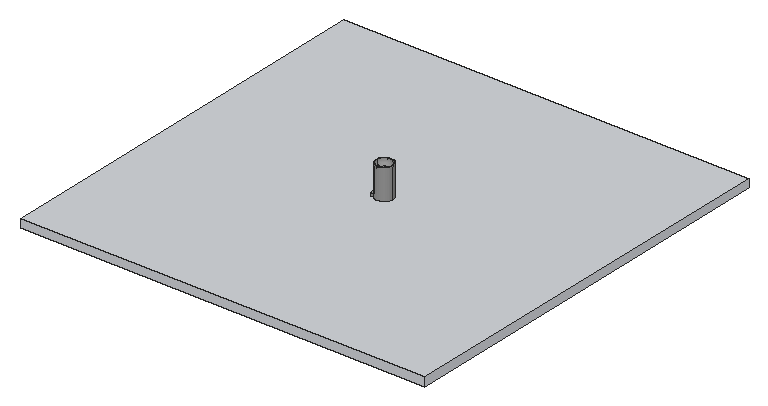
Revit family "LAMP_KOMBIC 100 SURFACE TRACK 2000 CRI80 OPTIC DALI", category Luminarias, Revit 2018
Family settings
  Anfitrión = Cara
  Cota de conector redondo = Diámetro de uso
  Tipo de pieza = Normal
  Corte con vacíos al cargar = No
  Origen de luz = Sí
  Compartido = No
  Punto de cálculo de habitación = No
Parameters (values of type "1205LM 3000K  B/B")
  Ángulo de inclinación = -90.00°
  Weight = 0.498 kg
  UGR = "17"
  Type = "COB PHILIPS"
  Protection rating = "IP40"
  Product datasheet = "http://www.lamp.es/product-files/TECH/K11TK2040WF830DBB-EN.pdf"
  Product code = "K11TK2040WF830DBB"
  Product URL = "https://www.lamp.es/en/family/kombic-surface_474354"
  Power Supply = "220-240V 50/60Hz"
  Power = 12 W
  Plum = 14.5 W
  Modelo = Product code  # "K11TK2040WF830DBB"
  Model explanation = "Possibility of chossing between surface or suspended within the model"
  Material reflector = LAMP_PC Reflector Kombic Metalizado Negro
  Material floron = LAMP_Plástico genérico NG
  Material difusor = LAMP_PMMA Difusor Kombic
  Material cuerpo = LAMP_Plástico genérico NG
  Material cable suspension = LAMP_Acero genérico
  Manufacturer name = "LAMP"
  Manufacturer country = "Spain"
  Manufacturer URL = "http://www.lamp.es/en"
  MacAdam = "3"
  Luminaire type = "Track Suspended"
  Last update = "03/08/2021"
  Lamp = "COB LED"
  LED Lifetime = "50.000 L80 B10"
  Insulation class = "I"
  Installation instructions = "https://www.lamp.es/product-files/packed/by-family/474354_INS_all.zip"
  IEE = "A+"
  Wattage = 14.5 W
  built-in parameter 1150107 = 3000 (stored number, unit not read)
  built-in parameter 1150110 = 1 (stored number, unit not read)
  built-in parameter 1150109 = 1 (stored number, unit not read)
  built-in parameter 1150112 = 1 (stored number, unit not read)
  built-in parameter 1150113 = 1 (stored number, unit not read)
  built-in parameter 1114218 = 1 (stored number, unit not read)
  built-in parameter 1150137 = (empty or 0)
  built-in parameter 1150132 = 2
  built-in parameter 1150105 = 1078.2 (stored number, unit not read)
  built-in parameter 1150102 = (empty or 0)
  built-in parameter 1150106 = 10.782 (stored number, unit not read)
  Height = 180 mm
  Gear = "Electronic"
  Lumens = 1204.95 lm
  Finish = "Matte black RAL 9011"
  Color Filter = 16777215
  built-in parameter 1114217 = 1 (stored number, unit not read)
  built-in parameter 1150139 = (empty or 0)
  Fabricante = Manufacturer name  # "LAMP"
  Default Elevation = 1219.2 mm
  built-in parameter 1150104 = 7.7202 (stored number, unit not read)
  Efficacy = 83.1 lm/W
  Diameter = 100 mm
  built-in parameter 1150115 = 1 (stored number, unit not read)
  built-in parameter 1150114 = 1 (stored number, unit not read)
  built-in parameter 1150138 = (empty or 0)
  built-in parameter 1150134 = (empty or 0)
  Dimming Lamp Color Temperature Shift = (empty or 0)
  CRI = "80"
  Archivo de red fotométrica = "K11rd2040WF830NBw.IES"
  built-in parameter 1150133 = 10 (stored number, unit not read)
Types (12, lengths in mm): name | UGR | Product datasheet | Product code | Modelo | Material reflector | Material cuerpo | built-in parameter 1150107 | built-in parameter 1150132 | built-in parameter 1150105 | built-in parameter 1150106 | Lumens | Finish | built-in parameter 1150104 | Efficacy | built-in parameter 1150134 | Archivo de red fotométrica
  1205LM 3000K  B/B | "17" | "http://www.lamp.es/product-files/TECH/K11TK2040WF830DBB-EN.pdf" | "K11TK2040WF830DBB" | "K11TK2040WF830DBB" | LAMP_PC Reflector Kombic Metalizado Negro | LAMP_Plástico genérico NG | 3000 (stored number, unit not read) | 2 | 1078.2 (stored number, unit not read) | 10.782 (stored number, unit not read) | 1204.95 lm | "Matte black RAL 9011" | 7.7202 (stored number, unit not read) | 83.1 lm/W | (empty or 0) | "K11rd2040WF830NBw.IES"
  1205LM 3000K  B/W | "17" | "http://www.lamp.es/product-files/TECH/K11TK2040WF830DBW-EN.pdf" | "K11TK2040WF830DBW" | "K11TK2040WF830DBW" | LAMP_PC Reflector Kombic Metalizado Negro | LAMP_Plástico genérico BL | 3000 (stored number, unit not read) | 2 | 1078.2 (stored number, unit not read) | 10.782 (stored number, unit not read) | 1204.95 lm | "Matte Traffic white RAL 9016" | 7.7202 (stored number, unit not read) | 83.1 lm/W | (empty or 0) | "K11rd2040WF830NBW.IES"
  1268LM 3000K  M/B | "17" | "http://www.lamp.es/product-files/TECH/K11TK2040WF830DMB-EN.pdf" | "K11TK2040WF830DMB" | "K11TK2040WF830DMB" | LAMP_PC Reflector Kombic Metalizado Mate | LAMP_Plástico genérico NG | 3000 (stored number, unit not read) | 2 | 1134 (stored number, unit not read) | 11.34 (stored number, unit not read) | 1267.3 lm | "Matte black RAL 9011" | 8.1197 (stored number, unit not read) | 87.4 lm/W | (empty or 0) | "K11rd2040WF830NMw.IES"
  1268LM 3000K  M/W | "17" | "http://www.lamp.es/product-files/TECH/K11TK2040WF830DMW-EN.pdf" | "K11TK2040WF830DMW" | "K11TK2040WF830DMW" | LAMP_PC Reflector Kombic Metalizado Mate | LAMP_Plástico genérico BL | 3000 (stored number, unit not read) | 2 | 1134 (stored number, unit not read) | 11.34 (stored number, unit not read) | 1267.3 lm | "Matte Traffic white RAL 9016" | 8.1197 (stored number, unit not read) | 87.4 lm/W | (empty or 0) | "K11rd2040WF830NMW.IES"
  1275LM 3000K  W/B | "19" | "http://www.lamp.es/product-files/TECH/K11TK2040WF830DWB-EN.pdf" | "K11TK2040WF830DWB" | "K11TK2040WF830DWB" | LAMP_PC Reflector Kombic Blanco | LAMP_Plástico genérico NG | 3000 (stored number, unit not read) | (empty or 0) | 1140.5 (stored number, unit not read) | 11.405 (stored number, unit not read) | 1274.55 lm | "Matte black RAL 9011" | 8.1662 (stored number, unit not read) | 87.9 lm/W | (empty or 0) | "K11rd2040WF830NWw.IES"
  1275LM 3000K  W/W | "19" | "http://www.lamp.es/product-files/TECH/K11TK2040WF830DWW-EN.pdf" | "K11TK2040WF830DWW" | "K11TK2040WF830DWW" | LAMP_PC Reflector Kombic Blanco | LAMP_Plástico genérico BL | 3000 (stored number, unit not read) | 2 | 1140.5 (stored number, unit not read) | 11.405 (stored number, unit not read) | 1274.55 lm | "Matte Traffic white RAL 9016" | 8.1662 (stored number, unit not read) | 87.9 lm/W | (empty or 0) | "K11rd2040WF830NWW.IES"
  1277LM 4000K  B/B | "17" | "http://www.lamp.es/product-files/TECH/K11TK2040WF840DBB-EN.pdf" | "K11TK2040WF840DBB" | "K11TK2040WF840DBB" | LAMP_PC Reflector Kombic Metalizado Negro | LAMP_Plástico genérico NG | 4000 (stored number, unit not read) | 2 | 1143.1 (stored number, unit not read) | 11.431 (stored number, unit not read) | 1277.45 lm | "Matte black RAL 9011" | 8.1848 (stored number, unit not read) | 88.1 lm/W | 12 | "K11rd2040WF840NBw.IES"
  1277LM 4000K  B/W | "17" | "http://www.lamp.es/product-files/TECH/K11TK2040WF840DBW-EN.pdf" | "K11TK2040WF840DBW" | "K11TK2040WF840DBW" | LAMP_PC Reflector Kombic Metalizado Negro | LAMP_Plástico genérico BL | 4000 (stored number, unit not read) | 2 | 1143.1 (stored number, unit not read) | 11.431 (stored number, unit not read) | 1277.45 lm | "Matte Traffic white RAL 9016" | 8.1848 (stored number, unit not read) | 88.1 lm/W | 12 | "K11rd2040WF840NBW.IES"
  1343LM 4000K  W/B | "19" | "http://www.lamp.es/product-files/TECH/K11TK2040WF840DWB-EN.pdf" | "K11TK2040WF840DWB" | "K11TK2040WF840DWB" | LAMP_PC Reflector Kombic Metalizado Mate | LAMP_Plástico genérico NG | 4000 (stored number, unit not read) | 2 | 1700.8 (stored number, unit not read) | 17.008 (stored number, unit not read) | 1342.7 lm | "Matte black RAL 9011" | 8.6028 (stored number, unit not read) | 92.6 lm/W | 12 | "K11rd2040WF840NWw.IES"
  1343LM 4000K  W/W | "19" | "http://www.lamp.es/product-files/TECH/K11TK2040WF840DWW-EN.pdf" | "K11TK2040WF840DWW" | "K11TK2040WF840DWW" | LAMP_PC Reflector Kombic Metalizado Mate | LAMP_Plástico genérico BL | 4000 (stored number, unit not read) | 2 | 1201.5 (stored number, unit not read) | 12.015 (stored number, unit not read) | 1342.7 lm | "Matte Traffic white RAL 9016" | 8.6028 (stored number, unit not read) | 92.6 lm/W | 12 | "K11rd2040WF840NWw.IES"
  1351LM 4000K  M/B | "17" | "http://www.lamp.es/product-files/TECH/K11TK2040WF840DMB-EN.pdf" | "K11TK2040WF840DMB" | "K11TK2040WF840DMB" | LAMP_PC Reflector Kombic Blanco | LAMP_Plástico genérico NG | 4000 (stored number, unit not read) | 2 | 1209.3 (stored number, unit not read) | 12.093 (stored number, unit not read) | 1351.4 lm | "Matte black RAL 9011" | 8.6586 (stored number, unit not read) | 93.2 lm/W | 12 | "K11rd2040WF840NMw.IES"
  1351LM 4000K  M/W | "17" | "http://www.lamp.es/product-files/TECH/K11TK2040WF840DMW-EN.pdf" | "K11TK2040WF840DMW" | "K11TK2040WF840DMW" | LAMP_PC Reflector Kombic Blanco | LAMP_Plástico genérico BL | 4000 (stored number, unit not read) | 2 | 1209.3 (stored number, unit not read) | 12.093 (stored number, unit not read) | 1351.4 lm | "Matte Traffic white RAL 9016" | 8.6586 (stored number, unit not read) | 93.2 lm/W | 12 | "K11rd2040WF840NMW.IES"
Reference planes
  plane 1 "Centro (Frontal/Posterior)": y = 0
  plane 2: z = 0
  plane 3 "Centro (Izquierda/Derecha)": x = 0
Forms (mm)
  Extrusion 1, solid
    sketch origin (0, 0, 0) x (1, 0, 0) y (0, 1, 0)
      loop
        line (-1219.2, 1219.2) -> (-1219.2, -1219.2) -> (1219.2, -1219.2) -> (1219.2, 1219.2) -> (-1219.2, 1219.2)
    from 0 to -50
  Extrusion 2, solid, material "LAMP_Plástico genérico NG" <- "Material cuerpo"
    sketch origin (0, 0, 0) x (1, 0, 0) y (0, 1, 0)
      loop
        circle (0, 0) r 50
    from 14 to 194
  Extrusion 3, void
    sketch origin (0, 0, 0) x (1, 0, 0) y (0, 1, 0)
      loop
        circle (0, 0) r 48
    from 25.333 to 194
  Sweep 4, solid, material "LAMP_PC Reflector Kombic Metalizado Negro" <- "Material reflector"
    path origin (105.103, -251.845, 194) x (1, 0, 0) y (0, 1, 0)
      loop
        circle (-105.103, 251.959) r 48
    profile origin (0, 48.114, 194) x (0, -1, 0) y (0, 0, 1)
      loop
        arc (0, 0) -> (6.616, -20.646) -> (24, -33.6) r 35.52
        line (24, -33.6) -> (24, -32.6)
        arc (24, -32.6) -> (7.196, -20.217) -> (2, 0) r 31.112
        line (2, 0) -> (0, 0)
  Extrusion 5, solid, material "LAMP_PMMA Difusor Kombic" <- "Material difusor"
    sketch origin (0, 0, 0) x (1, 0, 0) y (0, 1, 0)
      loop
        circle (0, 0) r 24
    from 160.4 to 161.4
  Extrusion 6, solid, material "LAMP_Plástico genérico NG" <- "Material cuerpo"
    sketch origin (0, 0, 0) x (1, 0, 0) y (0, 1, 0)
      loop
        arc (-66.129, 16) -> (-70, 0) -> (-66.129, -16) r 35
        line (-66.129, -16) -> (-3.871, -16)
        arc (-3.871, -16) -> (0, 0) -> (-3.871, 16) r 35
        line (-3.871, 16) -> (-66.129, 16)
    from -26 to 14
  Extrusion 7, void
    sketch origin (0, 0, 0) x (0, 1, 0) y (0, 0, 1)
      loop
        line (17, 0) -> (7, 0) -> (7, -25) -> (-7, -25) -> (-7, 0) -> (-17, 0) -> (-17, -26) -> (17, -26) -> (17, 0)
    from -82.029 to 0
Cuts and joins
  Extrusion 3 cuts Extrusion 2
  Extrusion 7 cuts Extrusion 6
Text (mm)
  text "Any modification of the parameters and properties of the LAMP BIM models must be executed and validated by the LAMP technical department.\nPhone: +34 93 736 68 00\nE-mail: lamp@lamp.es\n\nLAMP reserves the right to modify the technical specifications of its products." at (1856.491, -4316.333, -2622.127), in view "Preview"
Dimensions and locks
  locked: Extrusion 2 to Extrusion 2 at 180
  locked: cut or joined group of Extrusion 2, Extrusion 3 to cut or joined group of Extrusion 2, Extrusion 3 at 168.667
  aligned and locked: plane 2 to Extrusion 1
  aligned and locked: level to Extrusion 1
  aligned and locked: Extrusion 2 to Extrusion 3
  aligned and locked: Sweep 4 to Extrusion 5
  aligned and locked: Extrusion 5 to Sweep 4
  aligned and locked: imposter light to cut or joined group of Extrusion 2, Extrusion 3
Connectors
  electrical at (0, 0, 14)
    settings: on cut or joined group of Extrusion 2, Extrusion 3, index 1, voltage 230 V, apparent load 0 VA, apparent load phase1 0 VA, apparent load phase2 0 VA, apparent load phase3 0 VA, power factor 1, load classification "Otro", number of poles 1, system type 31, power factor state 1, is connector primary yes, connector utility no, sub classification motor no, connector description ""
